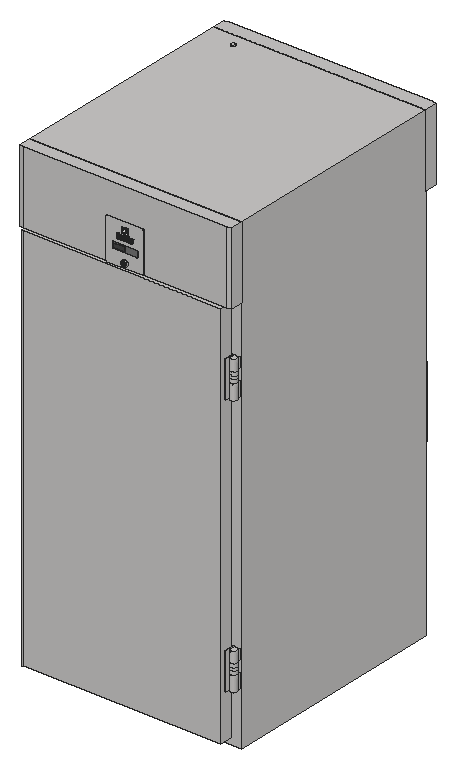
Revit family "QF_ELECTROLUXPROFESSIONAL_725103_RI16R2FGT", category Specialty Equipment, Revit 2018 (continued)
Definition of nested family "QF_725103_Door"
  Definition of nested family "QF_DisplayNewRollCabinets_ELX"
    Forms (mm)
      Extrusion 9, solid
        sketch origin (0, 0, 0) x (1, 0, 0) y (0, 1, 0)
          loop
            spline (11.845, 38.016) -> (11.152, 37.972) -> (10.488, 37.844) -> (9.86, 37.637) -> (9.273, 37.357) -> (8.733, 37.008) -> (8.246, 36.596) -> (7.818, 36.126) -> (7.455, 35.603) -> (7.163, 35.032) -> (6.946, 34.419) -> (6.812, 33.768) -> (6.766, 33.085)
            spline (6.766, 33.085) -> (6.812, 32.402) -> (6.946, 31.752) -> (7.163, 31.138) -> (7.455, 30.568) -> (7.818, 30.045) -> (8.246, 29.574) -> (8.733, 29.162) -> (9.273, 28.813) -> (9.86, 28.533) -> (10.488, 28.326) -> (11.152, 28.198) -> (11.845, 28.154)
            spline (11.845, 28.154) -> (12.535, 28.198) -> (13.196, 28.326) -> (13.823, 28.533) -> (14.409, 28.813) -> (14.949, 29.162) -> (15.437, 29.574) -> (15.866, 30.045) -> (16.231, 30.568) -> (16.525, 31.138) -> (16.743, 31.752) -> (16.877, 32.402) -> (16.924, 33.085)
          loop
            spline (14.726, 33.085) -> (14.7, 33.488) -> (14.625, 33.872) -> (14.504, 34.235) -> (14.34, 34.572) -> (14.136, 34.882) -> (13.895, 35.161) -> (13.62, 35.405) -> (13.315, 35.612) -> (12.981, 35.778) -> (12.623, 35.901) -> (12.244, 35.977) -> (11.845, 36.003)
            spline (11.845, 36.003) -> (11.443, 35.977) -> (11.061, 35.901) -> (10.702, 35.778) -> (10.368, 35.612) -> (10.063, 35.405) -> (9.789, 35.161) -> (9.549, 34.882) -> (9.346, 34.572) -> (9.184, 34.235) -> (9.064, 33.872) -> (8.99, 33.488) -> (8.965, 33.085)
            spline (8.965, 33.085) -> (8.99, 32.682) -> (9.064, 32.298) -> (9.184, 31.936) -> (9.346, 31.598) -> (9.549, 31.288) -> (9.789, 31.01) -> (10.063, 30.765) -> (10.368, 30.558) -> (10.702, 30.392) -> (11.061, 30.269) -> (11.443, 30.193) -> (11.845, 30.167)
            spline (11.845, 30.167) -> (12.244, 30.193) -> (12.623, 30.269) -> (12.981, 30.392) -> (13.315, 30.558) -> (13.62, 30.765) -> (13.895, 31.01) -> (14.136, 31.288) -> (14.34, 31.598) -> (14.504, 31.936) -> (14.625, 32.298) -> (14.7, 32.682) -> (14.726, 33.085)
          loop
            line (18.286, 35.443) -> (18.286, 28.431) -> (20.504, 28.431) -> (20.504, 41.303) -> (18.286, 41.303) -> (18.286, 35.443)
          loop
            line (28.496, 37.739) -> (28.496, 32.328)
            spline (28.496, 32.328) -> (28.478, 31.977) -> (28.426, 31.659) -> (28.342, 31.376) -> (28.228, 31.126) -> (28.085, 30.908) -> (27.916, 30.721) -> (27.723, 30.566) -> (27.508, 30.44) -> (27.273, 30.344) -> (27.019, 30.276) -> (26.748, 30.236) -> (26.464, 30.223)
            spline (26.464, 30.223) -> (26.18, 30.236) -> (25.909, 30.276) -> (25.656, 30.344) -> (25.42, 30.44) -> (25.205, 30.564) -> (25.012, 30.719) -> (24.843, 30.904) -> (24.701, 31.12) -> (24.587, 31.368) -> (24.503, 31.648) -> (24.451, 31.962) -> (24.433, 32.309)
            line (24.433, 32.309) -> (24.433, 37.739) -> (22.198, 37.739) -> (22.198, 32.125)
            spline (22.198, 32.125) -> (22.238, 31.488) -> (22.352, 30.91) -> (22.537, 30.388) -> (22.786, 29.923) -> (23.095, 29.514) -> (23.456, 29.16) -> (23.866, 28.863) -> (24.319, 28.62) -> (24.808, 28.432) -> (25.33, 28.298) -> (25.877, 28.218) -> (26.446, 28.191)
            spline (26.446, 28.191) -> (27.019, 28.218) -> (27.571, 28.299) -> (28.097, 28.435) -> (28.591, 28.626) -> (29.047, 28.872) -> (29.46, 29.174) -> (29.825, 29.532) -> (30.136, 29.947) -> (30.387, 30.419) -> (30.574, 30.948) -> (30.69, 31.535) -> (30.729, 32.18)
            line (30.729, 32.18) -> (30.729, 37.739) -> (28.496, 37.739)
          loop
            line (39.115, 31.408) -> (37.717, 33.362) -> (39.448, 35.719) -> (40.93, 37.739) -> (38.511, 37.739) -> (36.497, 34.95) -> (34.466, 37.739) -> (32.065, 37.739) -> (33.442, 35.856) -> (35.279, 33.344) -> (33.354, 30.663) -> (31.751, 28.431) -> (34.134, 28.431) -> (36.497, 31.719) -> (38.861, 28.431) -> (41.244, 28.431) -> (39.115, 31.408)
          loop
            line (-38.295, 23.783) -> (-40.009, 23.783) -> (-40.009, 19.333) -> (-39.095, 19.333) -> (-39.095, 20.841) -> (-38.295, 20.841)
            arc (-38.295, 20.841) -> (-36.824, 22.312) -> (-38.295, 23.783) r 1.471
          loop
            arc (-38.234, 21.69) -> (-37.702, 22.312) -> (-38.234, 22.934) r 0.63
            line (-38.234, 22.934) -> (-39.095, 22.934) -> (-39.095, 21.69) -> (-38.234, 21.69)
          loop
            line (-31.313, 23.783) -> (-33.058, 23.783) -> (-33.058, 19.333) -> (-32.144, 19.333) -> (-32.144, 20.866) -> (-31.349, 20.866) -> (-30.568, 19.333) -> (-29.53, 19.333) -> (-30.598, 21.091)
            arc (-30.598, 21.091) -> (-30.04, 21.611) -> (-29.845, 22.348) r 1.374
            arc (-29.845, 22.348) -> (-30.287, 23.365) -> (-31.313, 23.783) r 1.469
          loop
            line (-31.332, 22.942) -> (-32.144, 22.942) -> (-32.144, 21.7) -> (-31.332, 21.7)
            arc (-31.332, 21.7) -> (-30.827, 22.321) -> (-31.332, 22.942) r 0.634
          loop
            circle (-23.849, 21.558) r 2.311
          loop
            circle (-23.849, 21.558) r 1.467
          loop
            line (-17.711, 23.783) -> (-17.711, 19.333) -> (-16.796, 19.333) -> (-16.796, 21.162) -> (-15.122, 21.162) -> (-15.122, 22.003) -> (-16.796, 22.003) -> (-16.796, 22.942) -> (-14.961, 22.942) -> (-14.961, 23.783) -> (-17.711, 23.783)
          loop
            line (-11.187, 23.783) -> (-11.187, 20.776)
            arc (-11.187, 20.776) -> (-10.776, 19.757) -> (-9.763, 19.333) r 1.424
            line (-9.763, 19.333) -> (-8.326, 19.333) -> (-8.326, 20.174) -> (-9.388, 20.174)
            arc (-9.388, 20.174) -> (-10.074, 20.494) -> (-10.272, 21.224) r 0.897
            line (-10.272, 21.224) -> (-8.492, 21.224) -> (-8.492, 22.065) -> (-10.272, 22.065) -> (-10.272, 22.942) -> (-8.369, 22.942) -> (-8.369, 23.783) -> (-11.187, 23.783)
          loop
            line (-2.341, 22.616) -> (-1.684, 23.067)
            arc (-1.684, 23.067) -> (-2.293, 23.661) -> (-3.121, 23.857) r 1.593
            arc (-3.121, 23.857) -> (-3.842, 23.672) -> (-4.423, 23.206) r 1.765
            arc (-4.423, 23.206) -> (-4.501, 22.623) -> (-4.383, 22.046) r 1.775
            arc (-4.383, 22.046) -> (-3.986, 21.617) -> (-3.47, 21.346) r 1.724
            arc (-3.47, 21.346) -> (-3.071, 21.188) -> (-2.688, 20.994) r 4.507
            arc (-2.688, 20.994) -> (-2.464, 20.43) -> (-2.973, 20.098) r 0.479
            arc (-2.973, 20.098) -> (-3.616, 20.315) -> (-4.111, 20.78) r 1.593
            line (-4.111, 20.78) -> (-4.81, 20.341)
            arc (-4.81, 20.341) -> (-4.533, 19.884) -> (-4.129, 19.534) r 1.711
            arc (-4.129, 19.534) -> (-3.616, 19.315) -> (-3.061, 19.259) r 1.845
            arc (-3.061, 19.259) -> (-2.375, 19.396) -> (-1.757, 19.724) r 2.41
            arc (-1.757, 19.724) -> (-1.484, 20.45) -> (-1.625, 21.213) r 1.447
            arc (-1.625, 21.213) -> (-1.929, 21.564) -> (-2.319, 21.818) r 1.678
            arc (-2.319, 21.818) -> (-2.811, 22.038) -> (-3.316, 22.227) r 8.836
            arc (-3.316, 22.227) -> (-3.607, 22.681) -> (-3.186, 23.017) r 0.402
            arc (-3.186, 23.017) -> (-2.717, 22.913) -> (-2.341, 22.616) r 1.07
          loop
            line (9.023, 23.783) -> (9.023, 19.333) -> (9.938, 19.333) -> (9.938, 23.783) -> (9.023, 23.783)
          loop
            circle (16.107, 21.558) r 1.384
          loop
            circle (16.107, 21.558) r 2.311
          loop
            line (22.245, 19.333) -> (23.169, 19.333) -> (23.169, 22.131) -> (25.205, 19.333) -> (26.094, 19.333) -> (26.094, 23.783) -> (25.17, 23.783) -> (25.17, 20.9) -> (23.135, 23.783) -> (22.245, 23.783) -> (22.245, 19.333)
          loop
            line (30.707, 19.333) -> (31.141, 20.293) -> (32.787, 20.293) -> (33.22, 19.333) -> (34.204, 19.333) -> (31.937, 23.783) -> (29.725, 19.333) -> (30.707, 19.333)
          loop
            line (31.964, 22.119) -> (31.552, 21.206) -> (32.376, 21.206) -> (31.964, 22.119)
          loop
            line (38.748, 20.174) -> (38.748, 23.783) -> (37.833, 23.783) -> (37.833, 19.333) -> (40.459, 19.333) -> (40.459, 20.174) -> (38.748, 20.174)
          loop
            line (-14.216, 47.398) -> (14.216, 47.398) -> (14.216, 75.792) -> (-14.216, 75.792) -> (-14.216, 47.398)
          loop
            line (3.797, 74.398) -> (3.797, 48.85)
            arc (3.797, 48.85) -> (13.241, 61.624) -> (3.797, 74.398) r 13.361
          loop
            line (2.497, 72.548) -> (2.497, 74.398)
            arc (2.497, 74.398) -> (-8.128, 71.983) -> (-13.247, 62.364) r 13.094
            line (-13.247, 62.364) -> (-9.02, 62.364)
            arc (-9.02, 62.364) -> (-1.469, 65.429) -> (2.497, 72.548) r 12.273
          loop
            arc (-13.247, 60.883) -> (-8.136, 51.185) -> (2.497, 48.522) r 13.436
            line (2.497, 48.522) -> (2.497, 50.7)
            arc (2.497, 50.7) -> (-1.469, 57.818) -> (-9.02, 60.883) r 12.273
            line (-9.02, 60.883) -> (-13.247, 60.883)
          loop
            line (4.381, 22.616) -> (5.039, 23.067)
            arc (5.039, 23.067) -> (4.429, 23.661) -> (3.601, 23.857) r 1.593
            arc (3.601, 23.857) -> (2.88, 23.672) -> (2.299, 23.206) r 1.765
            arc (2.299, 23.206) -> (2.221, 22.623) -> (2.339, 22.046) r 1.775
            arc (2.339, 22.046) -> (2.736, 21.617) -> (3.252, 21.346) r 1.724
            arc (3.252, 21.346) -> (3.651, 21.188) -> (4.034, 20.994) r 4.507
            arc (4.034, 20.994) -> (4.258, 20.43) -> (3.75, 20.098) r 0.479
            arc (3.75, 20.098) -> (3.106, 20.315) -> (2.611, 20.78) r 1.593
            line (2.611, 20.78) -> (1.912, 20.341)
            arc (1.912, 20.341) -> (2.189, 19.884) -> (2.594, 19.534) r 1.711
            arc (2.594, 19.534) -> (3.106, 19.315) -> (3.661, 19.259) r 1.845
            arc (3.661, 19.259) -> (4.347, 19.396) -> (4.965, 19.724) r 2.41
            arc (4.965, 19.724) -> (5.238, 20.45) -> (5.097, 21.213) r 1.447
            arc (5.097, 21.213) -> (4.793, 21.564) -> (4.403, 21.818) r 1.678
            arc (4.403, 21.818) -> (3.911, 22.038) -> (3.406, 22.227) r 8.836
            arc (3.406, 22.227) -> (3.115, 22.681) -> (3.536, 23.017) r 0.402
            arc (3.536, 23.017) -> (4.005, 22.913) -> (4.381, 22.616) r 1.07
        from 1.6 to 3.2
      Extrusion 10, solid
        sketch origin (0, 0, 0) x (1, 0, 0) y (0, 1, 0)
          loop
            line (1.25, -86.45) -> (1.25, -76.45) -> (-1.25, -76.45) -> (-1.25, -86.45) -> (1.25, -86.45)
        from 1.6 to 6
    Cuts and joins
      Extrusion 5 cuts Extrusion 4
    Lines and regions (mm)
      symbolic lines
        curve 1: line (52.518, 0, 4) -> (-53.037, 0, 4)
        curve 2: line (40, 0, 4) -> (40, 0, 6)
        curve 3: line (40, 0, 6) -> (-40, 0, 6)
        curve 4: line (-40, 0, 6) -> (-40, 0, 4)
        curve 5: line (-64.765, 0, 0) -> (-53.037, 0, 4)
        curve 6: line (52.518, 0, 4) -> (64.135, 0, 0)
    Dimensions and locks
      aligned and locked: plane 2 to Extrusion 1
      aligned and locked: level to Extrusion 1
Definition of nested family "Refrigerator"
  Reference planes
    plane 1 "Center (Front/Back)": y = 0
    plane 2: z = 0
    plane 3 "Center (Left/Right)": x = 0
  Lines and regions (mm)
    detail lines, in view "Ref. Level"
      curve 1: spline (-500, 190, 0) -> (-493.185, 166.706, 0) -> (-473.205, 145, 0) -> (-441.421, 126.36, 0) -> (-400, 112.058, 0) -> (-351.764, 103.067, 0) -> (-300, 100, 0) -> (-248.236, 103.067, 0) -> (-200, 112.058, 0) -> (-158.579, 126.36, 0) -> (-126.795, 145, 0) -> (-106.815, 166.706, 0) -> (-100, 190, 0) -> (-106.815, 213.294, 0) -> (-126.795, 235, 0) -> (-158.579, 253.64, 0) -> (-200, 267.942, 0) -> (-248.236, 276.933, 0) -> (-300, 280, 0) -> (-351.764, 276.933, 0) -> (-400, 267.942, 0) -> (-441.421, 253.64, 0) -> (-473.205, 235, 0) -> (-493.185, 213.294, 0) -> (-500, 190, 0)
      curve 2: line (-300, 130, 0) -> (-300, 250, 0)
      curve 3: line (-351.962, 220, 0) -> (-248.038, 160, 0)
      curve 4: line (-351.962, 160, 0) -> (-248.038, 220, 0)
      curve 5: line (-280.884, 246.873, 0) -> (-300, 225, 0)
      curve 6: line (-300, 225, 0) -> (-319.116, 246.873, 0)
      curve 7: line (-330.311, 207.5, 0) -> (-339.696, 234.992, 0)
      curve 8: line (-358.812, 201.882, 0) -> (-330.311, 207.5, 0)
      curve 9: line (-330.311, 172.5, 0) -> (-358.812, 178.118, 0)
      curve 10: line (-339.696, 145.008, 0) -> (-330.311, 172.5, 0)
      curve 11: line (-300, 155, 0) -> (-319.116, 133.127, 0)
      curve 12: line (-280.884, 133.127, 0) -> (-300, 155, 0)
      curve 13: line (-269.689, 172.5, 0) -> (-260.304, 145.008, 0)
      curve 14: line (-241.188, 178.118, 0) -> (-269.689, 172.5, 0)
      curve 15: line (-269.689, 207.5, 0) -> (-241.188, 201.882, 0)
      curve 16: line (-260.304, 234.992, 0) -> (-269.689, 207.5, 0)
Types (2, lengths in mm): name | URL | Manufacturer | Phase | Model | Description
  (no name) | 0 | 0 | 0 | 0 | 0
  Standard | "http://professional.electrolux.com" | "Electrolux Professional" | 1 | "RI16R2FGT" | "1+1-GLASS DOOR ROLL-THRU REFRIGERATOR 1600LT+2°C R290"
